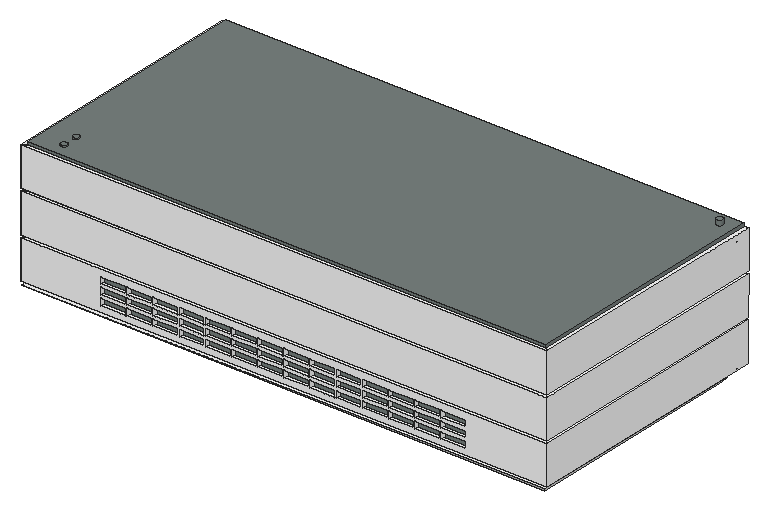
Revit family "AM 800 HB", category Mechanical Equipment, Revit 2019
Family settings
  Round Connector Dimension = Use Diameter
  Part Type = Normal
  OmniClass Number = 23.75.00.00
  OmniClass Title = Climate Control (HVAC)
  Work Plane-Based = No
  Always vertical = Yes
  Cut with Voids When Loaded = No
  Shared = No
  Room Calculation Point = No
Parameters
  Weight (Standard Unit) = 108  # constant formula
  Water Heater Surface Return = 10 mm  # constant formula
  Water Heater Surface IN = 10 mm  # constant formula
  URL = "www.airmaster-as.com"
  Total Width = 1910 mm  # constant formula
  Total Hight = 474 mm  # constant formula
  T-C Duct Exhaust = 252 mm  # constant formula
  T-C Duct Supply = 252 mm  # constant formula
  Suply Air In = 315 mm  # constant formula
  Sidepanlen Middel R [instance] = yes
  Side Panel Top R [instance] = yes
  Side Panel Top L [instance] = yes
  Side Panel Middle L [instance] = yes
  Side Panel Buttom R [instance] = yes
  Side Panel Buttom L [instance] = yes
  R-C Duct Exhaust = 222 mm  # constant formula
  Phase 1 - Max Power Consumption = "4035 W"
  Phase 1 - Max Current = "12 A"
  Nominal current, electrical preheating surface = "6,5 A"
  Nominal current, electrical comfort heating surface = "4,4 A"
  Nominal current, air handling unit = "1,1 A"
  Network Conection = "AWG 24 CAT 5e STP"
  Model = "AM 800 HB"
  Max. flow rate 35 dB(A) with ePM10 80% filters = 580.00 m³  # constant formula
  Max. flow rate 35 dB(A) with ePM10 55% filters = 653.00 m³  # constant formula
  Max. flow rate 35 dB(A) with ePM10 50% filters = 725.00 m³  # constant formula
  Max. flow rate 30 dB(A) with ePM10 80% filters = 520.00 m³  # constant formula
  Max. flow rate 30 dB(A) with ePM10 55% filters = 585.00 m³  # constant formula
  Max. flow rate 30 dB(A) with ePM10 50% filters = 650.00 m³  # constant formula
  Manufacturer = "Airmaster A/S"
  Maintenance [instance] = no
  L-C Duct ESupply = 255 mm  # constant formula
  Exhaust Air = 315 mm  # constant formula
  Total Depth = 916 mm  # constant formula
  Electrical connection = "1 ~ 230 V / N / PE / 50 Hz"
  Drawn By = "LSB"
  Condensate = 9 mm  # constant formula
  Center Panel Buttom [instance] = yes
  Center Panel Top [instance] = yes
  Center Panel Middle [instance] = yes
  BMS Panel = "(PTS) 2x2x0,6"
  BMS Out = "(PTS) 2x2x0,6"
  BMS IN = "(PTS) 2x2x0,6"
  Airflow area [instance] = no
  Air flow area [instance] = Airflow
Reference planes
  plane 1 "Center (Front/Back)": y = 0
  plane 2: z = 0
  plane 3 "Center (Left/Right)": x = 0
  plane 4 "Center L/S": y = -916
  plane 5 "Center L/T": x = -955
  plane 6 "Center L/U": x = 955
  plane 7 "TOP": z = 474
  plane 8 "Center L/V": x = -940
  plane 9 "Center L/W": y = -901
  plane 10 "Center L/X": x = 940
  plane 11 "Panel Buttom": z = 23
  plane 12 "Panel Top": z = 164.5
  plane 13 "Hatch": z = 14.5
  plane 14 "Center L/Z": z = 173.414
  plane 15 "Center L/AA": z = 314.914
  plane 16 "Center L/BB": z = 324.414
  plane 17 "Center L/CC": z = 465.914
Forms (mm)
  Extrusion 1, solid, material "AM Grey"
    sketch origin (0, 0, 0) x (1, 0, 0) y (0, 1, 0)
      loop
        line (-940, 0) -> (-940, -901) -> (940, -901) -> (940, 0) -> (-940, 0)
    from 14.5 to 474
  Extrusion 2, solid, material "AM White", visible <- "Side Panel Buttom L"
    sketch origin (794.5, -1524, 23) x (0, -1, 0) y (-1, 0, 0)
      loop
        line (-1524, 1749.5) -> (-1524, 1734.5) -> (-623, 1734.5) -> (-608, 1749.5) -> (-1524, 1749.5)
    from 0 to -141.5
  Blend 3, solid, material "AM White"
    base sketch origin (-790.646, -1524, 14.5) x (0, -1, 0) y (1, 0, 0)
      loop
        line (-608, -157.387) -> (-608, 1738.657) -> (-1435.677, 1738.657) -> (-1435.677, -157.387) -> (-608, -157.387)
    top sketch origin (-790.646, -1524, 14.5) x (0, -1, 0) y (1, 0, 0)
      loop
        line (-623, -146.037) -> (-623, 1727.646) -> (-1424.161, 1727.646) -> (-1424.161, -146.037) -> (-623, -146.037)
    from 0 to -14.5
  Extrusion 4, void
    sketch origin (1055.25, -916, 22.414) x (1, 0, 0) y (0, 0, -1)
      loop
        line (-1717.75, -118) -> (-1627.75, -118) -> (-1627.75, -93) -> (-1717.75, -93) -> (-1717.75, -118)
      loop
        line (-1717.75, -83) -> (-1627.75, -83) -> (-1627.75, -58) -> (-1717.75, -58) -> (-1717.75, -83)
      loop
        line (-1717.75, -48) -> (-1627.75, -48) -> (-1627.75, -23) -> (-1717.75, -23) -> (-1717.75, -48)
      loop
        line (-1622.75, -118) -> (-1532.75, -118) -> (-1532.75, -93) -> (-1622.75, -93) -> (-1622.75, -118)
      loop
        line (-1622.75, -83) -> (-1532.75, -83) -> (-1532.75, -58) -> (-1622.75, -58) -> (-1622.75, -83)
      loop
        line (-1622.75, -48) -> (-1532.75, -48) -> (-1532.75, -23) -> (-1622.75, -23) -> (-1622.75, -48)
      loop
        line (-1527.75, -118) -> (-1437.75, -118) -> (-1437.75, -93) -> (-1527.75, -93) -> (-1527.75, -118)
      loop
        line (-1527.75, -83) -> (-1437.75, -83) -> (-1437.75, -58) -> (-1527.75, -58) -> (-1527.75, -83)
      loop
        line (-1527.75, -48) -> (-1437.75, -48) -> (-1437.75, -23) -> (-1527.75, -23) -> (-1527.75, -48)
      loop
        line (-1432.75, -118) -> (-1342.75, -118) -> (-1342.75, -93) -> (-1432.75, -93) -> (-1432.75, -118)
      loop
        line (-1432.75, -83) -> (-1342.75, -83) -> (-1342.75, -58) -> (-1432.75, -58) -> (-1432.75, -83)
      loop
        line (-1432.75, -48) -> (-1342.75, -48) -> (-1342.75, -23) -> (-1432.75, -23) -> (-1432.75, -48)
      loop
        line (-1337.75, -118) -> (-1247.75, -118) -> (-1247.75, -93) -> (-1337.75, -93) -> (-1337.75, -118)
      loop
        line (-1337.75, -83) -> (-1247.75, -83) -> (-1247.75, -58) -> (-1337.75, -58) -> (-1337.75, -83)
      loop
        line (-1337.75, -48) -> (-1247.75, -48) -> (-1247.75, -23) -> (-1337.75, -23) -> (-1337.75, -48)
      loop
        line (-1242.75, -118) -> (-1152.75, -118) -> (-1152.75, -93) -> (-1242.75, -93) -> (-1242.75, -118)
      loop
        line (-1242.75, -83) -> (-1152.75, -83) -> (-1152.75, -58) -> (-1242.75, -58) -> (-1242.75, -83)
      loop
        line (-1242.75, -48) -> (-1152.75, -48) -> (-1152.75, -23) -> (-1242.75, -23) -> (-1242.75, -48)
      loop
        line (-1147.75, -118) -> (-1057.75, -118) -> (-1057.75, -93) -> (-1147.75, -93) -> (-1147.75, -118)
      loop
        line (-1147.75, -83) -> (-1057.75, -83) -> (-1057.75, -58) -> (-1147.75, -58) -> (-1147.75, -83)
      loop
        line (-1147.75, -48) -> (-1057.75, -48) -> (-1057.75, -23) -> (-1147.75, -23) -> (-1147.75, -48)
      loop
        line (-1052.75, -118) -> (-962.75, -118) -> (-962.75, -93) -> (-1052.75, -93) -> (-1052.75, -118)
      loop
        line (-1052.75, -83) -> (-962.75, -83) -> (-962.75, -58) -> (-1052.75, -58) -> (-1052.75, -83)
      loop
        line (-1052.75, -48) -> (-962.75, -48) -> (-962.75, -23) -> (-1052.75, -23) -> (-1052.75, -48)
      loop
        line (-957.75, -118) -> (-867.75, -118) -> (-867.75, -93) -> (-957.75, -93) -> (-957.75, -118)
      loop
        line (-957.75, -83) -> (-867.75, -83) -> (-867.75, -58) -> (-957.75, -58) -> (-957.75, -83)
      loop
        line (-957.75, -48) -> (-867.75, -48) -> (-867.75, -23) -> (-957.75, -23) -> (-957.75, -48)
      loop
        line (-862.75, -118) -> (-772.75, -118) -> (-772.75, -93) -> (-862.75, -93) -> (-862.75, -118)
      loop
        line (-862.75, -83) -> (-772.75, -83) -> (-772.75, -58) -> (-862.75, -58) -> (-862.75, -83)
      loop
        line (-862.75, -48) -> (-772.75, -48) -> (-772.75, -23) -> (-862.75, -23) -> (-862.75, -48)
      loop
        line (-767.75, -118) -> (-677.75, -118) -> (-677.75, -93) -> (-767.75, -93) -> (-767.75, -118)
      loop
        line (-767.75, -83) -> (-677.75, -83) -> (-677.75, -58) -> (-767.75, -58) -> (-767.75, -83)
      loop
        line (-767.75, -48) -> (-677.75, -48) -> (-677.75, -23) -> (-767.75, -23) -> (-767.75, -48)
      loop
        line (-672.75, -118) -> (-582.75, -118) -> (-582.75, -93) -> (-672.75, -93) -> (-672.75, -118)
      loop
        line (-672.75, -83) -> (-582.75, -83) -> (-582.75, -58) -> (-672.75, -58) -> (-672.75, -83)
      loop
        line (-672.75, -48) -> (-582.75, -48) -> (-582.75, -23) -> (-672.75, -23) -> (-672.75, -48)
      loop
        line (-577.75, -118) -> (-487.75, -118) -> (-487.75, -93) -> (-577.75, -93) -> (-577.75, -118)
      loop
        line (-577.75, -83) -> (-487.75, -83) -> (-487.75, -58) -> (-577.75, -58) -> (-577.75, -83)
      loop
        line (-577.75, -48) -> (-487.75, -48) -> (-487.75, -23) -> (-577.75, -23) -> (-577.75, -48)
      loop
        line (-482.75, -118) -> (-392.75, -118) -> (-392.75, -93) -> (-482.75, -93) -> (-482.75, -118)
      loop
        line (-482.75, -83) -> (-392.75, -83) -> (-392.75, -58) -> (-482.75, -58) -> (-482.75, -83)
      loop
        line (-482.75, -48) -> (-392.75, -48) -> (-392.75, -23) -> (-482.75, -23) -> (-482.75, -48)
    from 0 to 15
  Extrusion 5, solid, material "AM Grey"
    sketch origin (940, 0, 0) x (0, -1, 0) y (0, 0, -1)
      loop
        circle (48.75, -36.414) r 8
    from 0 to 15
  Extrusion 6, solid, material "AM Grey"
    sketch origin (-940, -878.072, 0.549) x (0, 1, 0) y (0, 0, -1)
      loop
        arc (97.447, -426.641) -> (85.619, -415.215) -> (74.05, -426.903) r 11.7
        arc (74.05, -426.903) -> (85.881, -438.614) -> (97.447, -426.641) r 11.7
    from 0 to 2
  Extrusion 7, solid, material "AM Grey"
    sketch origin (-940, -892.224, 0.658) x (0, 1, 0) y (0, 0, -1)
      loop
        arc (56.677, -428.239) -> (46.918, -415.112) -> (33.131, -423.914) r 12
        arc (33.131, -423.914) -> (42.582, -438.717) -> (56.677, -428.239) r 12
    from 0 to 2
  Extrusion 8, solid, material "AM Grey"
    sketch origin (-940, 0, 0) x (1, 0, 0) y (0, 0, -1)
      loop
        circle (1673, -222) r 157.5
    from 0 to 55
  Extrusion 9, solid, material "AM Grey"
    sketch origin (-785, 0, 0) x (1, 0, 0) y (0, 0, -1)
      loop
        circle (85, -222) r 157.5
    from 0 to 55
  Extrusion 10, solid, material "AM Grey"
    sketch origin (-1697.474, 21.256, 474) x (1, 0, 0) y (0, 1, 0)
      loop
        arc (848.662, -826.53) -> (848, -804.55) -> (847.338, -826.53) r 11
        line (847.338, -826.53) -> (848.662, -826.53)
    from 0 to 2
  Extrusion 11, solid, material "AM Grey"
    sketch origin (-1697.474, 6.881, 474) x (1, 0, 0) y (0, 1, 0)
      loop
        arc (848.662, -867.28) -> (848, -845.3) -> (847.338, -867.28) r 11
        line (847.338, -867.28) -> (848.662, -867.28)
    from 0 to 2
  Extrusion 12, solid, material "Maintenece", visible <- "Maintenance"
    sketch origin (-790.646, -1524, 0) x (1, 0, 0) y (0, -1, 0)
      loop
        line (-164.354, -1524) -> (1745.646, -1524) -> (1745.646, -608) -> (-164.354, -608) -> (-164.354, -1524)
    from 0 to 1200
  Extrusion 13, void
    sketch origin (-955, 0, 23) x (0, 1, 0) y (0, 0, 1)
      loop
        line (-260.5, 116.914) -> (-350.5, 116.914) -> (-350.5, 88.55) -> (-260.5, 88.55) -> (-260.5, 116.914)
      loop
        line (-260.5, 83.55) -> (-350.5, 83.55) -> (-350.5, 55.55) -> (-260.5, 55.55) -> (-260.5, 83.55)
      loop
        line (-260.5, 50.55) -> (-350.5, 50.55) -> (-350.5, 22.55) -> (-260.5, 22.55) -> (-260.5, 50.55)
      loop
        line (-355.5, 116.914) -> (-445.5, 116.914) -> (-445.5, 88.55) -> (-355.5, 88.55) -> (-355.5, 116.914)
      loop
        line (-355.5, 83.55) -> (-445.5, 83.55) -> (-445.5, 55.55) -> (-355.5, 55.55) -> (-355.5, 83.55)
      loop
        line (-355.5, 50.55) -> (-445.5, 50.55) -> (-445.5, 22.55) -> (-355.5, 22.55) -> (-355.5, 50.55)
      loop
        line (-450.5, 116.914) -> (-540.5, 116.914) -> (-540.5, 88.55) -> (-450.5, 88.55) -> (-450.5, 116.914)
      loop
        line (-450.5, 83.55) -> (-540.5, 83.55) -> (-540.5, 55.55) -> (-450.5, 55.55) -> (-450.5, 83.55)
      loop
        line (-450.5, 50.55) -> (-540.5, 50.55) -> (-540.5, 22.55) -> (-450.5, 22.55) -> (-450.5, 50.55)
      loop
        line (-545.5, 116.914) -> (-635.5, 116.914) -> (-635.5, 88.55) -> (-545.5, 88.55) -> (-545.5, 116.914)
      loop
        line (-545.5, 83.55) -> (-635.5, 83.55) -> (-635.5, 55.55) -> (-545.5, 55.55) -> (-545.5, 83.55)
      loop
        line (-545.5, 50.55) -> (-635.5, 50.55) -> (-635.5, 22.55) -> (-545.5, 22.55) -> (-545.5, 50.55)
      loop
        line (-640.5, 116.914) -> (-730.5, 116.914) -> (-730.5, 88.55) -> (-640.5, 88.55) -> (-640.5, 116.914)
      loop
        line (-640.5, 83.55) -> (-730.5, 83.55) -> (-730.5, 55.55) -> (-640.5, 55.55) -> (-640.5, 83.55)
      loop
        line (-640.5, 50.55) -> (-730.5, 50.55) -> (-730.5, 22.55) -> (-640.5, 22.55) -> (-640.5, 50.55)
      loop
        line (-735.5, 116.914) -> (-825.5, 116.914) -> (-825.5, 88.55) -> (-735.5, 88.55) -> (-735.5, 116.914)
      loop
        line (-735.5, 83.55) -> (-825.5, 83.55) -> (-825.5, 55.55) -> (-735.5, 55.55) -> (-735.5, 83.55)
      loop
        line (-735.5, 50.55) -> (-825.5, 50.55) -> (-825.5, 22.55) -> (-735.5, 22.55) -> (-735.5, 50.55)
    from 0 to 15
  Extrusion 14, solid, material "AM Grey"
    sketch origin (0, 0, 474) x (1, 0, 0) y (0, 1, 0)
      loop
        arc (880.766, -33.956) -> (876.81, -38.388) -> (875.622, -44.209) r 11.4
        arc (875.622, -44.209) -> (897.19, -48.612) -> (880.766, -33.956) r 11.4
    from 0 to 15
  Extrusion 15, solid, material "AM Grey"
    sketch origin (940, 0, 0) x (0, -1, 0) y (0, 0, -1)
      loop
        circle (47.646, -447.784) r 8
    from 0 to 15
  Extrusion 16, solid, material "AM Grey"
    sketch origin (-940, 0, 0) x (1, 0, 0) y (0, 0, -1)
      loop
        circle (1813, -35) r 12
    from 0 to 15
  Extrusion 17, solid, material "AM White", visible <- "Sidepanlen Middel R"
    sketch origin (794.5, -1524, 173.414) x (0, -1, 0) y (-1, 0, 0)
      loop
        line (-1524, -160.5) -> (-608, -160.5) -> (-623, -145.5) -> (-1524, -145.5) -> (-1524, -160.5)
    from 0 to -141.5
  Extrusion 18, solid, material "AM White", visible <- "Center Panel Top"
    sketch origin (794.5, -1524, 324.414) x (0, -1, 0) y (-1, 0, 0)
      loop
        line (-608, -160.5) -> (-608, 1749.5) -> (-623, 1734.5) -> (-623, -145.5) -> (-608, -160.5)
    from 0 to -141.5
  Extrusion 19, solid, material "Airflow" <- "Air flow area", visible <- "Airflow area"
    sketch origin (-790.646, -1524, 0) x (1, 0, 0) y (0, -1, 0)
      loop
        line (-164.354, -1524) -> (-164.354, -608) -> (-664.354, -608) -> (-664.354, -1524) -> (-164.354, -1524)
    from 0 to -164.5
  Extrusion 20, solid, material "AM White"
    sketch origin (0, 0, 14.5) x (0, 1, 0) y (1, 0, 0)
      loop
        line (0, 940) -> (-88.323, 940) -> (-88.323, -940) -> (0, -940) -> (0, 940)
    from 0 to 3
  Extrusion 21, solid, material "AM White", visible <- "Side Panel Middle L"
    sketch origin (794.5, -1524, 173.414) x (0, -1, 0) y (-1, 0, 0)
      loop
        line (-1524, 1749.5) -> (-1524, 1734.5) -> (-623, 1734.5) -> (-608, 1749.5) -> (-1524, 1749.5)
    from 0 to -141.5
  Extrusion 22, solid, material "AM White", visible <- "Side Panel Top L"
    sketch origin (794.5, -1524, 324.414) x (0, -1, 0) y (-1, 0, 0)
      loop
        line (-1524, 1749.5) -> (-1524, 1734.5) -> (-623, 1734.5) -> (-608, 1749.5) -> (-1524, 1749.5)
    from 0 to -141.5
  Extrusion 23, solid, material "AM White", visible <- "Side Panel Top R"
    sketch origin (794.5, -1524, 324.414) x (0, -1, 0) y (-1, 0, 0)
      loop
        line (-1524, -160.5) -> (-608, -160.5) -> (-623, -145.5) -> (-1524, -145.5) -> (-1524, -160.5)
    from 0 to -141.5
  Extrusion 24, solid, material "AM White", visible <- "Side Panel Buttom R"
    sketch origin (794.5, -1524, 23) x (0, -1, 0) y (-1, 0, 0)
      loop
        line (-1524, -160.5) -> (-608, -160.5) -> (-623, -145.5) -> (-1524, -145.5) -> (-1524, -160.5)
    from 0 to -141.5
  Extrusion 25, solid, material "AM White"
    sketch origin (794.5, -1524, 173.414) x (0, -1, 0) y (-1, 0, 0)
      loop
        line (-608, -160.5) -> (-608, 1749.5) -> (-623, 1734.5) -> (-623, -145.5) -> (-608, -160.5)
    from 0 to -141.5
  Extrusion 26, solid, material "AM White"
    sketch origin (794.5, -1524, 23) x (0, -1, 0) y (-1, 0, 0)
      loop
        line (-608, -160.5) -> (-608, 1749.5) -> (-623, 1734.5) -> (-623, -145.5) -> (-608, -160.5)
    from 0 to -141.5
Cuts and joins
  Extrusion 4, Extrusion 13 cuts Extrusion 1
  Extrusion 4, Extrusion 13 cuts Extrusion 2
  Extrusion 4 cuts Extrusion 17
  Extrusion 4 cuts Extrusion 18
  Extrusion 4 cuts Extrusion 25
  Extrusion 4 cuts Extrusion 26
Dimensions and locks
  "Total Depth": plane 4 "Center L/S" to plane 1 "Center (Front/Back)"
  equal spacing: plane 5 "Center L/T", plane 3 "Center (Left/Right)", plane 6 "Center L/U"
  "Total Width": plane 5 "Center L/T" to plane 6 "Center L/U"
  "Total Hight": plane 7 "TOP" to level
  locked: plane 10 "Center L/X" to plane 6 "Center L/U" at 15
  locked: plane 4 "Center L/S" to plane 9 "Center L/W" at 15
  locked: plane 5 "Center L/T" to plane 8 "Center L/V" at 15
  Extrusion 1 to Blend 3 sketch curve = 99.839 mm
  "R-C Duct Exhaust": plane 6 "Center L/U" to Extrusion 8 sketch curve
  "T-C Duct Exhaust": Extrusion 8 sketch curve to cut or joined group of Extrusion 1, Extrusion 4, Extrusion 13
  "T-C Duct Supply": Extrusion 9 sketch curve to plane 7 "TOP"
  "L-C Duct ESupply": Extrusion 9 sketch curve to plane 5 "Center L/T"
  Extrusion 16 sketch curve to plane 5 "Center L/T" = 1828 mm
  Extrusion 16 sketch curve to plane 7 "TOP" = 439 mm
  aligned and locked: level to plane 2
  aligned and locked: plane 1 "Center (Front/Back)" to Extrusion 1 sketch curve
  aligned and locked: Extrusion 1 sketch curve to plane 8 "Center L/V"
  aligned and locked: Extrusion 1 sketch curve to plane 9 "Center L/W"
  aligned and locked: Extrusion 1 sketch curve to plane 10 "Center L/X"
  aligned and locked: plane 7 "TOP" to Extrusion 1
  aligned and locked: plane 5 "Center L/T" to Extrusion 2 sketch curve
  aligned and locked: Extrusion 2 sketch curve to Extrusion 1
  aligned and locked: Extrusion 2 to plane 12 "Panel Top"
  aligned and locked: Blend 3 to plane 2
  aligned and locked: Extrusion 1 to plane 13 "Hatch"
  aligned and locked: Extrusion 12 sketch curve to cut or joined group of Extrusion 2, Extrusion 4, Extrusion 13  (x2)
  aligned and locked: Extrusion 17 to plane 15 "Center L/AA"
  aligned and locked: Extrusion 18 to plane 17 "Center L/CC"
Automatic sketch dimensions
  plane 1 "Center (Front/Back)" to Extrusion 2 sketch curve = 0 mm
  Extrusion 2 sketch curve to plane 9 "Center L/W" = 0 mm
  plane 4 "Center L/S" to Extrusion 2 sketch curve = 0 mm
  plane 4 "Center L/S" to Blend 3 sketch curve = 0 mm
  Blend 3 sketch curve to plane 6 "Center L/U" = 6.989 mm
  plane 1 "Center (Front/Back)" to Blend 3 sketch curve = 88.323 mm
  plane 5 "Center L/T" to Blend 3 sketch curve = 6.967 mm
  Blend 3 sketch curve to plane 9 "Center L/W" = 0 mm
  plane 8 "Center L/V" to Blend 3 sketch curve = 3.316 mm
  Blend 3 sketch curve to plane 10 "Center L/X" = 3 mm
  plane 17 "Center L/CC" to Extrusion 4 sketch curve = 325.5 mm  (x2)
  plane 8 "Center L/V" to Extrusion 4 sketch curve = 277.5 mm
  Extrusion 4 sketch curve to Extrusion 4 sketch curve = 0 mm  (x86)
  Extrusion 4 sketch curve to Extrusion 4 sketch curve = 90 mm  (x13)
  Extrusion 4 sketch curve to Extrusion 4 sketch curve = 5 mm  (x36)
  Extrusion 4 sketch curve to plane 3 "Center (Left/Right)" = 2.5 mm  (x3)
  plane 3 "Center (Left/Right)" to Extrusion 4 sketch curve = 2.5 mm  (x3)
  Extrusion 4 sketch curve to Extrusion 4 sketch curve = 25 mm  (x10)
  Extrusion 4 sketch curve to Extrusion 4 sketch curve = 10 mm  (x9)
  plane 16 "Center L/BB" to Extrusion 4 sketch curve = 279 mm  (x5)
  Extrusion 1 to Extrusion 5 sketch curve = 21.914 mm
  Extrusion 1 to Extrusion 5 sketch curve = 48.75 mm
  Extrusion 6 sketch curve to Extrusion 6 sketch curve = 0 mm  (x2)
  Extrusion 1 to Extrusion 6 sketch curve = 46.537 mm
  Extrusion 6 sketch curve to Extrusion 1 = 108.678 mm
  Extrusion 6 sketch curve to Extrusion 6 sketch curve = 11.7 mm
  Extrusion 6 sketch curve to Extrusion 6 sketch curve = 11.697 mm
  Extrusion 6 sketch curve to Extrusion 6 sketch curve = 0.011 mm
  Extrusion 7 sketch curve to Extrusion 7 sketch curve = 0 mm  (x2)
  Extrusion 7 sketch curve to Extrusion 1 = 53.526 mm
  Extrusion 1 to Extrusion 7 sketch curve = 46.428 mm
  Extrusion 7 sketch curve to Extrusion 7 sketch curve = 11.619 mm
  Extrusion 7 sketch curve to Extrusion 7 sketch curve = 11.927 mm
  Extrusion 7 sketch curve to Extrusion 7 sketch curve = 1.325 mm
  Extrusion 10 sketch curve to Extrusion 1 = 89.864 mm
  Extrusion 10 sketch curve to Extrusion 10 sketch curve = 0.662 mm
  Extrusion 10 sketch curve to Extrusion 1 = 95.726 mm
  Extrusion 10 sketch curve to Extrusion 10 sketch curve = 10.98 mm
  Extrusion 11 sketch curve to Extrusion 1 = 89.864 mm
  Extrusion 11 sketch curve to Extrusion 11 sketch curve = 0.662 mm
  Extrusion 11 sketch curve to Extrusion 1 = 40.601 mm
  Extrusion 11 sketch curve to Extrusion 11 sketch curve = 10.98 mm
  Extrusion 12 sketch curve to Blend 3 = 18 mm
  Extrusion 12 sketch curve to Blend 3 = 15 mm
  Extrusion 13 sketch curve to Extrusion 2 = 22.55 mm  (x2)
  Extrusion 2 to Extrusion 13 sketch curve = 90.5 mm
  Extrusion 13 sketch curve to Extrusion 13 sketch curve = 0 mm  (x33)
  Extrusion 13 sketch curve to Extrusion 13 sketch curve = 90 mm  (x6)
  Extrusion 13 sketch curve to Extrusion 13 sketch curve = 5 mm  (x21)
  Extrusion 13 sketch curve to Extrusion 13 sketch curve = 28 mm  (x6)
  Extrusion 13 sketch curve to Extrusion 2 = 24.586 mm  (x3)
  Extrusion 14 sketch curve to Extrusion 14 sketch curve = 0 mm  (x2)
  Extrusion 14 sketch curve to Extrusion 1 = 53 mm
  Extrusion 14 sketch curve to Extrusion 1 = 43.5 mm
  Extrusion 14 sketch curve to Extrusion 14 sketch curve = 6.234 mm
  Extrusion 14 sketch curve to Extrusion 14 sketch curve = 11.378 mm
  Extrusion 14 sketch curve to Extrusion 14 sketch curve = 0.709 mm
  Extrusion 1 to Extrusion 15 sketch curve = 47.646 mm
  Extrusion 1 to Extrusion 15 sketch curve = 26.216 mm
  plane 1 "Center (Front/Back)" to Extrusion 17 sketch curve = 0 mm
  plane 9 "Center L/W" to Extrusion 17 sketch curve = 0 mm
  plane 4 "Center L/S" to Extrusion 17 sketch curve = 0 mm
  Extrusion 17 sketch curve to plane 10 "Center L/X" = 0 mm
  Extrusion 17 sketch curve to plane 6 "Center L/U" = 0 mm
  plane 9 "Center L/W" to Extrusion 18 sketch curve = 0 mm
  plane 4 "Center L/S" to Extrusion 18 sketch curve = 0 mm
  Extrusion 18 sketch curve to plane 5 "Center L/T" = 0 mm
  Extrusion 18 sketch curve to plane 8 "Center L/V" = 0 mm
  Extrusion 18 sketch curve to plane 10 "Center L/X" = 0 mm
  Extrusion 18 sketch curve to plane 6 "Center L/U" = 0 mm
  Extrusion 19 sketch curve to Blend 3 = 99.839 mm
  Extrusion 19 sketch curve to Blend 3 = 518.316 mm
  Extrusion 19 sketch curve to Blend 3 = 18.316 mm
  Extrusion 19 sketch curve to Blend 3 = 15 mm
  Extrusion 20 sketch curve to Extrusion 1 = 0 mm  (x2)
  Extrusion 1 to Extrusion 20 sketch curve = 0 mm
  Extrusion 1 to Extrusion 20 sketch curve = 88.323 mm
  plane 1 "Center (Front/Back)" to Extrusion 21 sketch curve = 0 mm
  Extrusion 21 sketch curve to plane 8 "Center L/V" = 0 mm
  Extrusion 21 sketch curve to plane 9 "Center L/W" = 0 mm
  plane 4 "Center L/S" to Extrusion 21 sketch curve = 0 mm
  Extrusion 21 sketch curve to plane 5 "Center L/T" = 0 mm
  plane 1 "Center (Front/Back)" to Extrusion 22 sketch curve = 0 mm
  Extrusion 22 sketch curve to plane 8 "Center L/V" = 0 mm
  Extrusion 22 sketch curve to plane 9 "Center L/W" = 0 mm
  plane 4 "Center L/S" to Extrusion 22 sketch curve = 0 mm
  Extrusion 22 sketch curve to plane 5 "Center L/T" = 0 mm
  plane 1 "Center (Front/Back)" to Extrusion 23 sketch curve = 0 mm
  plane 9 "Center L/W" to Extrusion 23 sketch curve = 0 mm
  plane 4 "Center L/S" to Extrusion 23 sketch curve = 0 mm
  Extrusion 23 sketch curve to plane 10 "Center L/X" = 0 mm
  Extrusion 23 sketch curve to plane 6 "Center L/U" = 0 mm
  plane 1 "Center (Front/Back)" to Extrusion 24 sketch curve = 0 mm
  plane 9 "Center L/W" to Extrusion 24 sketch curve = 0 mm
  plane 4 "Center L/S" to Extrusion 24 sketch curve = 0 mm
  Extrusion 24 sketch curve to plane 10 "Center L/X" = 0 mm
  Extrusion 24 sketch curve to plane 6 "Center L/U" = 0 mm
  plane 9 "Center L/W" to Extrusion 25 sketch curve = 0 mm
  plane 4 "Center L/S" to Extrusion 25 sketch curve = 0 mm
  Extrusion 25 sketch curve to plane 5 "Center L/T" = 0 mm
  Extrusion 25 sketch curve to plane 8 "Center L/V" = 0 mm
  Extrusion 25 sketch curve to plane 10 "Center L/X" = 0 mm
  Extrusion 25 sketch curve to plane 6 "Center L/U" = 0 mm
  plane 9 "Center L/W" to Extrusion 26 sketch curve = 0 mm
  plane 4 "Center L/S" to Extrusion 26 sketch curve = 0 mm
  Extrusion 26 sketch curve to plane 5 "Center L/T" = 0 mm
  Extrusion 26 sketch curve to plane 8 "Center L/V" = 0 mm
  Extrusion 26 sketch curve to plane 10 "Center L/X" = 0 mm
  Extrusion 26 sketch curve to plane 6 "Center L/U" = 0 mm
  radius of Extrusion 5 sketch curve = 8 mm
  radius of Extrusion 8 sketch curve = 157.5 mm
  radius of Extrusion 9 sketch curve = 157.5 mm
  radius of Extrusion 15 sketch curve = 8 mm
  radius of Extrusion 16 sketch curve = 12 mm
Nested families
  nested 1: "Model Label 2019" at (10, -361.924, 0), Label <- "Model", type "Model Label 2019"
    with Label "AM 800 HB"
  nested 2: "indblæssymbol" at (11.742, -966, 0) x (0, -1, 0) z (0, 0, 1), type "indblæssymbol"
    with dX_ 609 mm, dX 609 mm, ang2D 0.00°
  nested 3: "Pil Indtag" at (-1505, -460, 0), type "Pil Indtag"
    with dX_ 609 mm, dX 609 mm, ang2D 0.00°
Connectors
  piping at (-942, -847.32, 426.735), diameter 10, driven by "Water Heater Surface IN"
    settings: on Extrusion 7, index 6, connector inside diameter 609.6 mm, connector length 0 mm, flow factor 0, pipe flow 0.0 L/s, pressure drop 0.0 Pa, fitting loss kfactor 0, connector angle 0.00°, fixture units 0, engagement length 0 mm, angle of deflection 0.00°, flow configuration 0, flow direction 1, fitting loss method 0, system type 7, joint type 0, gender type 0, connector reference index -1, connector utility 0, adjustable connector no, is connector primary yes, connector description ""
  piping at (-942, -792.324, 427.321), diameter 10, driven by "Water Heater Surface Return"
    settings: on Extrusion 6, index 7, connector inside diameter 609.6 mm, connector length 0 mm, flow factor 0, pipe flow 0.0 L/s, pressure drop 0.0 Pa, fitting loss kfactor 0, connector angle 0.00°, fixture units 0, engagement length 0 mm, angle of deflection 0.00°, flow configuration 0, flow direction 2, fitting loss method 0, system type 8, joint type 0, gender type 0, connector reference index -1, connector utility 0, adjustable connector no, is connector primary no, connector description ""
  piping at (-849.474, -860.399, 476), diameter 10, driven by "Water Heater Surface IN"
    settings: on Extrusion 11, index 11, connector inside diameter 609.6 mm, connector length 0 mm, flow factor 0, pipe flow 0.0 L/s, pressure drop 0.0 Pa, fitting loss kfactor 0, connector angle 0.00°, fixture units 0, engagement length 0 mm, angle of deflection 0.00°, flow configuration 0, flow direction 0, fitting loss method 0, system type 19, joint type 0, gender type 0, connector reference index -1, connector utility 0, adjustable connector no, is connector primary no, connector description ""
  piping at (-849.474, -805.274, 476), diameter 10, driven by "Water Heater Surface Return"
    settings: on Extrusion 10, index 12, connector inside diameter 609.6 mm, connector length 0 mm, flow factor 0, pipe flow 0.0 L/s, pressure drop 0.0 Pa, fitting loss kfactor 0, connector angle 0.00°, fixture units 0, engagement length 0 mm, angle of deflection 0.00°, flow configuration 0, flow direction 0, fitting loss method 0, system type 19, joint type 0, gender type 0, connector reference index -1, connector utility 0, adjustable connector no, is connector primary no, connector description ""
  electrical at (955, -47.646, 447.784)
    settings: on Extrusion 15, index 13, voltage 230 V, apparent load 0 VA, apparent load phase1 0 VA, apparent load phase2 0 VA, apparent load phase3 0 VA, power factor 0.56, load classification "Other", number of poles 1, system type 30, power factor state 1, is connector primary yes, connector utility no, sub classification motor no, connector description ""
  electrical at (878.194, -39.082, 489)
    settings: on Extrusion 14, index 14, voltage 230 V, apparent load 0 VA, apparent load phase1 0 VA, apparent load phase2 0 VA, apparent load phase3 0 VA, power factor 0.56, load classification "Other", number of poles 1, system type 30, power factor state 1, is connector primary no, connector utility no, sub classification motor no, connector description ""
  piping at (955, -48.75, 36.414), diameter 9, driven by "Condensate"
    settings: on Extrusion 5, index 15, connector inside diameter 609.6 mm, connector length 0 mm, flow factor 0, pipe flow 0.0 L/s, pressure drop 0.0 Pa, fitting loss kfactor 0, connector angle 0.00°, fixture units 0, engagement length 0 mm, angle of deflection 0.00°, flow configuration 0, flow direction 0, fitting loss method 0, system type 16, joint type 0, gender type 0, connector reference index -1, connector utility 0, adjustable connector no, is connector primary no, connector description ""
  piping at (873, 15, 35), diameter 9, driven by "Condensate"
    settings: on Extrusion 16, index 16, connector inside diameter 609.6 mm, connector length 0 mm, flow factor 0, pipe flow 0.0 L/s, pressure drop 0.0 Pa, fitting loss kfactor 0, connector angle 0.00°, fixture units 0, engagement length 0 mm, angle of deflection 0.00°, flow configuration 0, flow direction 0, fitting loss method 0, system type 16, joint type 0, gender type 0, connector reference index -1, connector utility 0, adjustable connector no, is connector primary no, connector description ""
  hvac at (733, 0, 222), driven by "Exhaust Air"
    settings: on Extrusion 8, index 17, duct flow 0.0 L/s, flow factor 0, pres drop 0.0 Pa, loss coef 0, conn angle 0.00°, conn width 304.8 mm, conn height 304.8 mm, conn diameter 315 mm, duct sys type 3, conn prof type 0, flow config 0, flow direction 2, loss method 0, conn ref index -1, conn util no, is conn primary yes, conn desc ""
  hvac at (-700, 0, 222), driven by "Suply Air In"
    settings: on Extrusion 9, index 18, duct flow 0.0 L/s, flow factor 0, pres drop 0.0 Pa, loss coef 0, conn angle 0.00°, conn width 304.8 mm, conn height 304.8 mm, conn diameter 315 mm, duct sys type 1, conn prof type 0, flow config 0, flow direction 1, loss method 0, conn ref index -1, conn util no, is conn primary no, conn desc ""
Definition of nested family "Model Label 2019"
  Parameters (values of type "Model Label 2019")
    Label [instance] = ""
  Reference planes
    plane 1: y = 0
    plane 2: x = 0
  Text (mm)
    label "Label" at (-0.131, 0.049, 0), shows "Label"
Definition of nested family "indblæssymbol"
  Parameters (values of type "indblæssymbol")
    dX_ [instance] = if(dX = 0 mm, 1 mm, dX)  # 609 mm
    dX [instance] = 609 mm
    ang2D [instance] = 0.00°
    Type Comments = "DO NOT CHANGE dX value from 608 mm ( 2 ft )"
    Afstand pil = 50 mm
  Reference planes
    plane 1 "Center (Front/Back)": y = 0
    plane 2: z = 0
    plane 3 "Center (Left/Right)": x = 0
  Lines and regions (mm)
    Filled region 1, type "Concrete", in view "Ref. Level"
      outline origin (50.005, 0, 0) x (1, 0, 0) y (0, 1, 0)
        loop
          line (399.995, 0.414) -> (301.442, 17.365) -> (301.588, -17.365) -> (399.995, 0.414)
    reference lines, in view "Ref. Level"
      curve 1: line (50, 134.129, 0) -> (50, -145.871, 0)
    detail lines, in view "Ref. Level"
      curve 2: line (351.52, 0, 0) -> (50, 0, 0)
  Dimensions and locks
    "Afstand pil": plane 3 "Center (Left/Right)" to curve 1
    curve 1 to Filled region 1 = 400 mm
  Automatic sketch dimensions
    Filled region 1 sketch curve to plane 1 "Center (Front/Back)" = 0.414 mm
    plane 3 "Center (Left/Right)" to Filled region 1 sketch curve = 450 mm
    plane 1 "Center (Front/Back)" to Filled region 1 sketch curve = 17.365 mm
    Filled region 1 sketch curve to Filled region 1 sketch curve = 98.407 mm
    Filled region 1 sketch curve to plane 1 "Center (Front/Back)" = 17.365 mm
    Filled region 1 sketch curve to Filled region 1 sketch curve = 0.146 mm
    plane 1 "Center (Front/Back)" to curve 2 = 0 mm
    plane 3 "Center (Left/Right)" to curve 2 = 50 mm
    curve 2 to curve 2 = 301.52 mm
    plane 1 "Center (Front/Back)" to curve 1 = 145.871 mm
    curve 1 to plane 1 "Center (Front/Back)" = 134.129 mm
Definition of nested family "Pil Indtag"
  Parameters (values of type "Pil Indtag")
    dX_ [instance] = if(dX = 0 mm, 1 mm, dX)  # 609 mm
    dX [instance] = 609 mm
    ang2D [instance] = 0.00°
    Type Comments = "DO NOT CHANGE dX value from 608 mm ( 2 ft )"
    Afstand pil = 50 mm
  Reference planes
    plane 1 "Center (Front/Back)": y = 0
    plane 2: z = 0
    plane 3 "Center (Left/Right)": x = 0
    plane 4: x = 500
  Lines and regions (mm)
    Filled region 1, type "Concrete", in view "Ref. Level"
      outline origin (0, 0, 0) x (1, 0, 0) y (0, 1, 0)
        loop
          line (499.552, 0) -> (401.072, 17.365) -> (401.072, -17.365) -> (499.552, 0)
    reference lines, in view "Ref. Level"
      curve 1: line (50, 134.129, 0) -> (50, -145.871, 0)
    detail lines, in view "Ref. Level", not visible
      curve 2: arc (335, 0, 0) -> (385.559, -50.321, 0) -> (434.999, 1.101, 0) r 50.01
      curve 3: arc (335, 0, 0) -> (285.666, 52.633, 0) -> (235.069, 1.212, 0) r 50.01
      curve 4: line (434.999, 1.101, 0) -> (434.999, 21.156, 0)
      curve 5: line (235.069, 1.212, 0) -> (235.069, -18.844, 0)
    detail lines, in view "Ref. Level"
      curve 6: arc (225.332, 0, 0) -> (272.332, -35.211, 0) -> (294.114, 19.326, 0) r 36.995
      curve 7: arc (225.206, 0, 0) -> (173.868, 30.307, 0) -> (156.85, -26.829, 0) r 37.835
      curve 8: line (499.552, 0, 0) -> (401.072, 17.365, 0)
      curve 9: line (401.072, 17.365, 0) -> (401.072, -17.365, 0)
      curve 10: line (401.072, -17.365, 0) -> (499.552, 0, 0)
      curve 11: line (499.552, 0, 0) -> (-15.448, 0, 0)
  Dimensions and locks
    "Afstand pil": plane 3 "Center (Left/Right)" to curve 1
    plane 3 "Center (Left/Right)" to plane 4 = 500 mm
  Automatic sketch dimensions
    plane 1 "Center (Front/Back)" to Filled region 1 sketch curve = 0 mm
    Filled region 1 sketch curve to plane 4 = 0.448 mm
    plane 1 "Center (Front/Back)" to Filled region 1 sketch curve = 17.365 mm
    Filled region 1 sketch curve to plane 4 = 98.928 mm
    Filled region 1 sketch curve to plane 1 "Center (Front/Back)" = 17.365 mm
    plane 1 "Center (Front/Back)" to curve 11 = 0 mm
    plane 1 "Center (Front/Back)" to curve 7 = 4.913 mm
    plane 3 "Center (Left/Right)" to curve 7 = 187.691 mm
    curve 6 to plane 1 "Center (Front/Back)" = 0.405 mm
    curve 7 to curve 6 = 74.634 mm
    curve 9 to plane 1 "Center (Front/Back)" = 17.365 mm
    curve 9 to plane 4 = 98.928 mm
    curve 11 to plane 4 = 0.448 mm
    plane 1 "Center (Front/Back)" to curve 10 = 17.365 mm
    curve 7 to curve 7 = 30.842 mm
    curve 11 to plane 3 "Center (Left/Right)" = 15.448 mm
    curve 7 to curve 6 = 37.119 mm
    curve 7 to curve 6 = 0.126 mm
    curve 6 to plane 1 "Center (Front/Back)" = 19.326 mm
    plane 1 "Center (Front/Back)" to curve 1 = 145.871 mm
    curve 1 to plane 1 "Center (Front/Back)" = 134.129 mm
